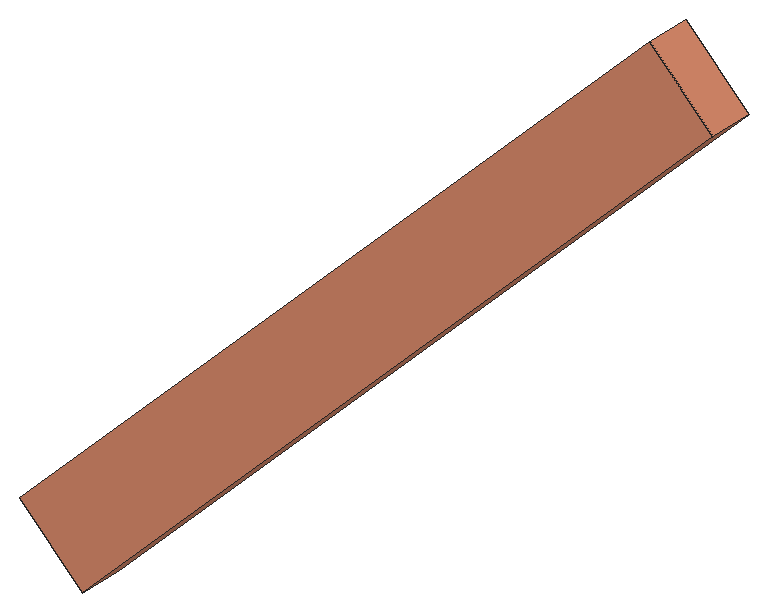
Revit family "盤サポート_溝形鋼", category Generic Models, Revit 2020
Family settings
  Can host rebar = No
  Round Connector Dimension = Use Diameter
  Part Type = Normal
  Work Plane-Based = Yes
  Always vertical = No
  Cut with Voids When Loaded = No
  Shared = No
  Room Calculation Point = No
Parameters (values of type "C 100 x 50")
  高さ = 100 mm
  長辺 [instance] = 長さ  # 1000 mm
  長さ [instance] = 1000 mm
  部屋名 = ""
  角度 [instance] = 45.00°
  Default Elevation = 1219.2 mm
  構造マテリアル = E403_盤サポート
  幅 = 50 mm
Types (10, lengths in mm): name | 高さ | 幅
  C 100 x 50 | 100 | 50
  C 125 x 65 | 125 | 65
  C 150 x 75 | 150 | 75
  C 180 x 75 | 180 | 75
  C 200 x 80 | 200 | 80
  C 200 x 90 | 200 | 90
  C 250 x 90 | 250 | 90
  C 300 x 90 | 300 | 90
  C 380 x 100 | 380 | 100
  C 75 x 40 | 75 | 40
Reference planes
  plane 1 "中心(正面/背面)": y = 0
  plane 2: z = 0
  plane 3 "中心(左/右)": x = 0
Lines and regions (mm)
  reference lines
    curve 1: line (0, 0, 0) -> (777.817, 0, 777.817)
    curve 2: line (35.355, 0, -35.355) -> (-35.355, 0, 35.355)
    curve 3: line (742.462, 0, 671.751) -> (671.751, 0, 742.462)
Dimensions and locks
  equal spacing: curve 2, curve 1, curve 2
  "高さ": curve 2 to curve 2
  equal spacing: curve 3, curve 1, curve 3
  "高さ": curve 3 to curve 3
  "長さ": curve 3 to curve 2
  "角度": angle level to curve 1
  angle curve 2 to curve 1 = 90.00°
  angle curve 3 to curve 1 = 90.00°
  aligned and locked: level to plane 2
  aligned and locked: level to curve 1
  aligned and locked: plane 3 "中心(左/右)" to curve 1
  aligned and locked: nested 1 to curve 1
Nested families
  nested 1: "溝形鋼" at (-35.355, 0, 35.355) x (0, 1, 0) z (0.7071, 0, -0.7071), 長さ <- "長さ", type "C 100 x 50"
    with 長辺 1000 mm, 長さ 1000 mm, 高さ 100 mm, 幅 50 mm
Definition of nested family "溝形鋼"
  Parameters (values of type "Ｈ 150 x 150")
    高さ = 150 mm
    長辺 [instance] = 長さ  # 500 mm
    長さ [instance] = 500 mm
    部屋名 = ""
    Default Elevation = 1219.2 mm
    構造マテリアル = none
    幅 = 150 mm
  Types (33, lengths in mm): name | 高さ | 長辺 | 長さ | 幅
    Ｈ 900 x 300 | 900 | 1000 | 1000 | 300
    Ｈ 800 x 300 | 800 | 1000 | 1000 | 300
    Ｈ 700 x 300 | 700 | 1000 | 1000 | 300
    Ｈ 588 x 300 | 588 | 1000 | 1000 | 300
    Ｈ 600 x 200 | 600 | 1000 | 1000 | 200
    Ｈ 488 x 300 | 488 | 1000 | 1000 | 300
    Ｈ 500 x 200 | 500 | 1000 | 1000 | 200
    Ｈ 440 x 300 | 440 | 1000 | 1000 | 300
    Ｈ 450 x 200 | 450 | 1000 | 1000 | 200
    Ｈ 400 x 400 | 400 | 1000 | 1000 | 400
    Ｈ 390 x 300 | 390 | 1000 | 1000 | 300
    Ｈ 400 x 200 | 400 | 1000 | 1000 | 200
    Ｈ 350 x 350 | 350 | 1000 | 1000 | 350
    Ｈ 340 x 250 | 340 | 1000 | 1000 | 250
    Ｈ 294 x 200 | 294 | 1000 | 1000 | 200
    Ｈ 244 x 175 | 244 | 1000 | 1000 | 175
    Ｈ 350 x 175 | 350 | 1000 | 1000 | 175
    Ｈ 300 x 300 | 300 | 1000 | 1000 | 300
    Ｈ 300 x 150 | 300 | 500 | 500 | 150
    Ｈ 250 x 250 | 250 | 500 | 500 | 250
    Ｈ 250 x 125 | 250 | 500 | 500 | 125
    Ｈ 200 x 200 | 200 | 500 | 500 | 200
    Ｈ 194 x 150 | 194 | 500 | 500 | 150
    Ｈ 200 x 100 | 200 | 500 | 500 | 100
    Ｈ 175 x 175 | 175 | 500 | 500 | 175
    Ｈ 175 x 90 | 175 | 500 | 500 | 90
    Ｈ 150 x 150 | 150 | 500 | 500 | 150
    Ｈ 148 x 100 | 148 | 500 | 500 | 100
    Ｈ 150 x 75 | 150 | 500 | 500 | 75
    Ｈ 125 x 125 | 125 | 500 | 500 | 125
    Ｈ 125 x 60 | 125 | 500 | 500 | 60
    Ｈ 100 x100 | 100 | 500 | 500 | 100
    Ｈ 100 x 50 | 100 | 500 | 500 | 50
  Reference planes
    plane 1 "中心(正面/背面)": y = 0
    plane 2: z = 0
    plane 3 "中心(左/右)": x = 0
    plane 4: z = 75
    plane 5: z = 150
  Forms (mm)
    Extrusion 1, solid, material <- "構造マテリアル"
      sketch origin (0, 0, 0) x (1, 0, 0) y (0, 1, 0)
        loop
          line (-75, 500) -> (-75, 0) -> (75, 0) -> (75, 500) -> (-75, 500)
      from 0 to 150
  Lines and regions (mm)
    reference lines
      curve 1: line (75, 500, 0) -> (-75, 500, 0)
      curve 2: line (75, 0, 0) -> (-75, 0, 0)
  Dimensions and locks
    "長さ": curve 1 to curve 2
    "幅": Extrusion 1 to Extrusion 1
    equal spacing: Extrusion 1, plane 3 "中心(左/右)", Extrusion 1
    "幅": curve 1 to curve 1
    equal spacing: curve 1, plane 3 "中心(左/右)", curve 1
    "幅": curve 2 to curve 2
    equal spacing: curve 2, plane 3 "中心(左/右)", curve 2
    equal spacing: plane 5, plane 4, level
    "高さ": plane 5 to level
    aligned and locked: level to plane 2
    aligned and locked: Extrusion 1 to curve 2
    aligned and locked: curve 1 to Extrusion 1
    aligned and locked: plane 5 to Extrusion 1
  Automatic sketch dimensions
    Extrusion 1 sketch curve to plane 3 "中心(左/右)" = 75 mm
    plane 3 "中心(左/右)" to Extrusion 1 sketch curve = 75 mm
    plane 1 "中心(正面/背面)" to Extrusion 1 sketch curve = 0 mm
    Extrusion 1 sketch curve to plane 1 "中心(正面/背面)" = 500 mm
    plane 1 "中心(正面/背面)" to curve 2 = 0 mm
